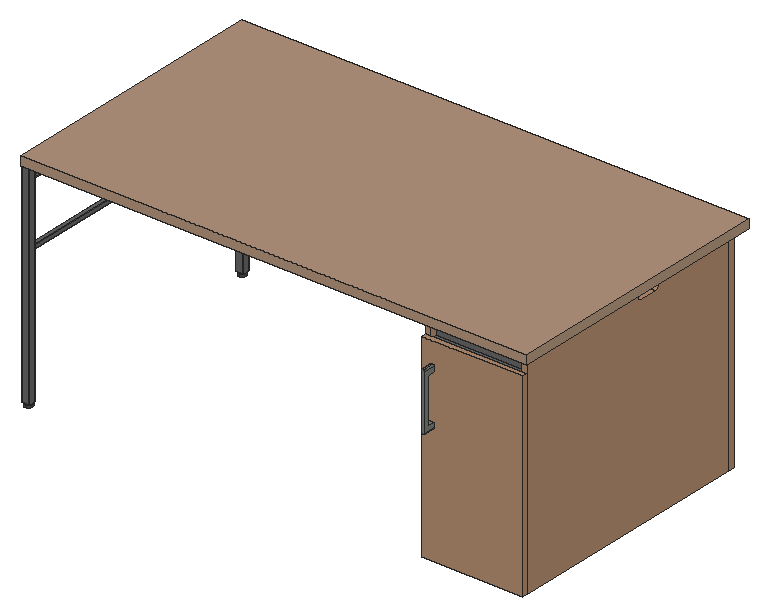
Revit family "Desks-Teknion-LWBDH_Byward_Desk_with_Hinged_Door-R2022", category Furniture, Revit 2022 (continued)
Dimensions and locks (in)
  locked: plane 7 "Front" to Sweep 26 sketch curve at 0.98031
  locked: Sweep 11 sketch curve to plane 5 "Right" at 2.23538
  locked: plane 7 "Front" to Sweep 11 sketch curve at 2.48319
  "Modesty panel": plane 6 "Back" to Sweep 2 sketch curve to Sweep 2 sketch curve
  plane 8 "Top" to Sweep 16 sketch curve to Sweep 16 sketch curve to Sweep 16 sketch curve to Sweep 16 sketch curve = 1.1855" locked, 0.060" locked, 1.9395" locked, 0.060" locked
  plane 7 "Front" to Sweep 16 sketch curve to Sweep 16 sketch curve to Sweep 16 sketch curve to Sweep 16 sketch curve = 0.96063" locked, 0.785" locked, 0.060" locked, 0.940" locked
  Sweep 27 sketch curve to Sweep 27 sketch curve to plane 2 = 1.060" locked, 0.500" locked
  locked: Sweep 27 sketch curve to plane 5 "Right" at 1.4385
  locked: plane 5 "Right" to Sweep 27 sketch curve at 13.3125
  locked: plane 7 "Front" to Sweep 27 sketch curve at 0.98031
  locked: plane 6 "Back" to Sweep 14 sketch curve at 2.2075
  aligned and locked: level to plane 2
  aligned and locked: plane 3 "Center Left/Right" to Sweep 1 sketch curve
  aligned and locked: plane 7 "Front" to Sweep 1 sketch curve
  aligned and locked: plane 5 "Right" to Sweep 1 sketch curve
  aligned and locked: Sweep 1 sketch curve to plane 6 "Back"
  aligned and locked: Sweep 1 sketch curve to plane 4 "Left"
  aligned and locked: plane 5 "Right" to curve 1
  aligned and locked: plane 7 "Front" to curve 2
  aligned and locked: curve 3 to plane 4 "Left"
  aligned and locked: curve 4 to plane 6 "Back"
  aligned and locked: Sweep 2 sketch curve to plane 3 "Center Left/Right"
  aligned and locked: plane 1 "Center Front/Back" to Sweep 3 sketch curve
  aligned and locked: plane 3 "Center Left/Right" to Sweep 4 sketch curve
  aligned and locked: plane 3 "Center Left/Right" to Sweep 5 sketch curve
  aligned and locked: plane 3 "Center Left/Right" to Sweep 6 sketch curve
  aligned and locked: plane 3 "Center Left/Right" to Sweep 7 sketch curve
  aligned and locked: Sweep 8 sketch curve to plane 3 "Center Left/Right"
  aligned and locked: Sweep 9 sketch curve to plane 3 "Center Left/Right"
  aligned and locked: plane 3 "Center Left/Right" to Sweep 10 sketch curve
  aligned and locked: Sweep 11 sketch curve to plane 3 "Center Left/Right"
  aligned and locked: plane 3 "Center Left/Right" to Sweep 12 sketch curve
  aligned and locked: Masking region 1 sketch curve to plane 4 "Left"
  aligned and locked: plane 7 "Front" to Masking region 1 sketch curve
  aligned and locked: plane 5 "Right" to Masking region 1 sketch curve
  aligned and locked: Masking region 1 sketch curve to plane 6 "Back"
  aligned and locked: plane 3 "Center Left/Right" to Sweep 13 sketch curve
  aligned and locked: plane 9 to Sweep 3 sketch curve
  aligned and locked: plane 3 "Center Left/Right" to Sweep 14 sketch curve
  aligned and locked: plane 3 "Center Left/Right" to Sweep 15 sketch curve
  aligned and locked: plane 1 "Center Front/Back" to Sweep 16 sketch curve
  aligned and locked: curve 6 to Sweep 11
  aligned and locked: curve 7 to Sweep 11
  aligned and locked: curve 8 to Sweep 11
  aligned and locked: curve 25 to cut or joined group of Sweep 7, Sweep 8
  aligned and locked: curve 28 to cut or joined group of Sweep 7, Sweep 8
  aligned and locked: curve 31 to Sweep 2
  aligned and locked: curve 32 to Sweep 2
  aligned and locked: curve 33 to Sweep 2
  aligned and locked: curve 34 to Sweep 13
  aligned and locked: curve 35 to Sweep 13
  aligned and locked: curve 36 to Sweep 3
  aligned and locked: curve 37 to Sweep 13
  aligned and locked: curve 40 to Sweep 11
  aligned and locked: curve 41 to Sweep 11
  aligned and locked: curve 42 to Sweep 11
  aligned and locked: curve 43 to Sweep 11
  aligned and locked: curve 44 to Sweep 11
  aligned and locked: curve 45 to Sweep 11
  aligned and locked: curve 46 to Sweep 15
  aligned and locked: curve 47 to Sweep 15
  aligned and locked: curve 48 to Sweep 15
  aligned and locked: curve 49 to Sweep 15
  aligned and locked: Sweep 3 to curve 50
  aligned and locked: curve 51 to Sweep 5
  aligned and locked: curve 29 to cut or joined group of Sweep 7, Sweep 8
  aligned and locked: curve 30 to cut or joined group of Sweep 7, Sweep 8
  aligned and locked: curve 52 to Sweep 16
  aligned and locked: Sweep 16 to curve 53
  aligned and locked: curve 54 to Sweep 16
  aligned and locked: curve 55 to Sweep 16
  aligned and locked: curve 56 to cut or joined group of Sweep 7, Sweep 8
  aligned and locked: curve 57 to Sweep 10
  aligned and locked: curve 58 to Sweep 10
  aligned and locked: curve 59 to Sweep 10
  aligned and locked: curve 60 to Sweep 9
  aligned and locked: curve 61 to Sweep 9
  aligned and locked: curve 62 to Sweep 9
  aligned and locked: curve 64 to Sweep 6
  aligned and locked: curve 65 to Sweep 6
  aligned and locked: curve 67 to Sweep 6
  aligned and locked: curve 69 to Sweep 6
  aligned and locked: curve 71 to Sweep 6
  aligned and locked: curve 73 to Sweep 6
  aligned and locked: curve 74 to Sweep 6
  aligned and locked: curve 76 to Sweep 6
  aligned and locked: curve 77 to Sweep 12
  aligned and locked: curve 78 to Sweep 12
  aligned and locked: curve 79 to Sweep 12
  aligned and locked: curve 80 to Sweep 12
  aligned and locked: curve 81 to Sweep 12
  aligned and locked: curve 82 to Sweep 12
  aligned and locked: curve 83 to Sweep 12
  aligned and locked: curve 84 to Sweep 12
  aligned and locked: curve 85 to Sweep 12
  aligned and locked: curve 86 to Sweep 12
  aligned and locked: curve 87 to Sweep 12
  aligned and locked: curve 88 to Sweep 12
  aligned and locked: curve 89 to Sweep 12
  aligned and locked: curve 90 to Sweep 12
  aligned and locked: curve 91 to Sweep 12
  aligned and locked: curve 92 to Sweep 12
  aligned and locked: curve 93 to Sweep 12
  aligned and locked: curve 94 to Sweep 12
  aligned and locked: curve 95 to Sweep 12
  aligned and locked: curve 96 to Sweep 12
  aligned and locked: curve 97 to Sweep 12
  aligned and locked: curve 98 to Sweep 12
  aligned and locked: curve 99 to Sweep 12
  aligned and locked: curve 100 to Sweep 12
  aligned and locked: Masking region 2 sketch curve to cut or joined group of Sweep 19, Sweep 20  (x4)
  aligned and locked: Masking region 3 sketch curve to cut or joined group of Sweep 21, Sweep 22  (x4)
  aligned and locked: Masking region 4 sketch curve to Sweep 17  (x3)
  aligned and locked: Sweep 18 to Masking region 4 sketch curve  (x2)
  aligned and locked: curve 101 to Sweep 17
  aligned and locked: curve 102 to Sweep 17
  aligned and locked: curve 103 to Sweep 17
  aligned and locked: curve 104 to Sweep 17
  aligned and locked: curve 105 to Sweep 17
  aligned and locked: curve 106 to cut or joined group of Sweep 21, Sweep 22
  aligned and locked: cut or joined group of Sweep 21, Sweep 22 to curve 107
  aligned and locked: curve 108 to cut or joined group of Sweep 21, Sweep 22
  aligned and locked: curve 109 to cut or joined group of Sweep 21, Sweep 22
  aligned and locked: curve 110 to Sweep 17
  aligned and locked: curve 111 to Sweep 17
  aligned and locked: curve 112 to Sweep 18
  aligned and locked: curve 113 to Sweep 18
  aligned and locked: Sweep 18 to curve 114
  aligned and locked: Sweep 18 to curve 115
  aligned and locked: curve 116 to Sweep 18
  aligned and locked: curve 117 to Sweep 18
  aligned and locked: Sweep 18 to curve 118
  aligned and locked: Sweep 26 sketch curve to plane 9
  aligned and locked: Sweep 26 sketch curve to plane 1 "Center Front/Back"
  aligned and locked: plane 5 "Right" to Sweep 27 sketch curve
  aligned and locked: Masking region 5 sketch curve to Sweep 23  (x4)
  aligned and locked: plane 9 to Sweep 27 sketch curve
  aligned and locked: curve 119 to Sweep 12
  aligned and locked: curve 120 to Sweep 12
  aligned and locked: curve 121 to Sweep 12
  aligned and locked: curve 122 to Sweep 12
  aligned and locked: curve 123 to Sweep 12
  aligned and locked: curve 124 to Sweep 12
  aligned and locked: curve 125 to Sweep 12
  aligned and locked: curve 126 to Sweep 12
  aligned and locked: curve 127 to Sweep 12
  aligned and locked: curve 128 to Sweep 12
  aligned and locked: curve 129 to Sweep 12
  aligned and locked: curve 130 to Sweep 12
  aligned and locked: curve 131 to Sweep 11
  aligned and locked: curve 132 to Sweep 11
  aligned and locked: curve 133 to Sweep 26
  aligned and locked: curve 134 to Sweep 26
  aligned and locked: curve 135 to Sweep 26
  aligned and locked: curve 136 to Sweep 26
  aligned and locked: curve 137 to Sweep 3
  aligned and locked: curve 138 to Sweep 3
  aligned and locked: curve 139 to Sweep 14
  aligned and locked: curve 140 to Sweep 24
  aligned and locked: Sweep 24 to curve 142
  aligned and locked: curve 143 to Sweep 24
  aligned and locked: curve 144 to Masking region 4
  aligned and locked: Masking region 6 sketch curve to Masking region 4  (x4)
  aligned and locked: Masking region 6 sketch curve to curve 144
  aligned and locked: Masking region 6 sketch curve to Sweep 25  (x2)
  aligned and locked: plane 3 "Center Left/Right" to nested 1
  aligned and locked: nested 1 to plane 1 "Center Front/Back"
  aligned and locked: plane 4 "Left" to nested 2
  aligned and locked: nested 2 to plane 6 "Back"
  aligned and locked: nested 3 to plane 6 "Back"
  aligned and locked: nested 3 to plane 5 "Right"
  aligned and locked: plane 7 "Front" to nested 4
  aligned and locked: nested 4 to plane 5 "Right"
  aligned and locked: nested 5 to plane 4 "Left"
  aligned and locked: plane 7 "Front" to nested 5
Automatic sketch dimensions
  Sweep 2 sketch curve to Sweep 2 sketch curve = 3.000"  (x5)
  Sweep 2 sketch curve to Sweep 2 sketch curve = 0.000"
  Sweep 17 sketch curve to Sweep 17 sketch curve = 0.000"  (x9)
  Sweep 17 sketch curve to Sweep 17 sketch curve = 0.031"  (x2)
  Sweep 17 sketch curve to Sweep 17 sketch curve = 0.03143"  (x2)
  Sweep 17 sketch curve to Sweep 17 sketch curve = 0.00014"
  Sweep 17 sketch curve to Sweep 17 sketch curve = 0.56534"
  Sweep 17 sketch curve to Sweep 17 sketch curve = 0.56462"
  Sweep 17 sketch curve to Sweep 17 sketch curve = 0.00124"
  Sweep 17 sketch curve to Sweep 17 sketch curve = 0.01112"
  Sweep 17 sketch curve to Sweep 17 sketch curve = 0.01457"  (x2)
  Sweep 18 sketch curve to Sweep 18 sketch curve = 0.00204"  (x4)
  Sweep 18 sketch curve to Sweep 18 sketch curve = 0.0015"  (x4)
  profile plane to Sweep 19 sketch curve = 0.07877"  (x2)
  Sweep 19 sketch curve to profile plane = 0.07877"  (x2)
  Sweep 20 sketch curve to Sweep 20 sketch curve = 0.29012"  (x2)
  Sweep 20 sketch curve to Sweep 20 sketch curve = 0.0128"  (x2)
  profile plane to Sweep 21 sketch curve = 0.61842"
  profile plane to Sweep 21 sketch curve = 0.10533"
  Sweep 22 sketch curve to Sweep 22 sketch curve = 0.40533"
  Sweep 22 sketch curve to Sweep 22 sketch curve = 0.0626"
  Sweep 22 sketch curve to Sweep 22 sketch curve = 0.02972"
  Sweep 23 sketch curve to Sweep 23 sketch curve = 0.31972"  (x2)
  profile plane to Sweep 23 sketch curve = 0.40599"
  Masking region 4 sketch curve to Masking region 4 sketch curve = 0.15259"  (x2)
  Sweep 24 sketch curve to Sweep 24 sketch curve = 0.00204"  (x2)
  Sweep 24 sketch curve to Sweep 24 sketch curve = 0.0015"  (x2)
  Sweep 25 sketch curve to Sweep 25 sketch curve = 0.000"  (x2)
  Sweep 25 sketch curve to Sweep 25 sketch curve = 1.40962"
  Sweep 25 sketch curve to Sweep 25 sketch curve = 0.00849"
  Sweep 25 sketch curve to Sweep 25 sketch curve = 0.83366"
  Sweep 25 sketch curve to Sweep 25 sketch curve = 0.27661"
  Sweep 25 sketch curve to Sweep 25 sketch curve = 0.00004"
  Sweep 25 sketch curve to Sweep 25 sketch curve = 0.031"
  Sweep 25 sketch curve to Sweep 25 sketch curve = 0.03442"
  Sweep 25 sketch curve to Sweep 25 sketch curve = 0.00342"
  Sweep 25 sketch curve to Sweep 25 sketch curve = 0.05643"
  Sweep 25 sketch curve to Sweep 25 sketch curve = 0.54857"
  Sweep 25 sketch curve to Sweep 25 sketch curve = 0.12886"
  Sweep 25 sketch curve to Sweep 25 sketch curve = 0.2036"
  Sweep 25 sketch curve to Sweep 25 sketch curve = 0.07637"
  Sweep 25 sketch curve to Sweep 25 sketch curve = 0.69875"
  Sweep 25 sketch curve to Sweep 25 sketch curve = 0.00131"
  Sweep 25 sketch curve to Sweep 25 sketch curve = 0.00009"
  Sweep 25 sketch curve to Sweep 25 sketch curve = 0.50964"
  Sweep 25 sketch curve to Sweep 25 sketch curve = 0.00671"
  Sweep 25 sketch curve to Sweep 25 sketch curve = 0.03329"
  Sweep 25 sketch curve to Sweep 25 sketch curve = 0.01168"
  Sweep 23 sketch curve to Sweep 23 sketch curve = 0.31968"
  Sweep 12 sketch curve to Sweep 12 sketch curve = 0.18187"  (x2)
  plane 7 "Front" to curve 114 = 0.000"
  plane 7 "Front" to curve 117 = 0.000"
  plane 7 "Front" to curve 115 = 0.000"
  plane 4 "Left" to curve 12 = 0.190"
  curve 15 to curve 25 = 0.0975"
  curve 22 to curve 25 = 0.0975"
  curve 17 to plane 7 "Front" = 0.100"
  plane 4 "Left" to curve 17 = 0.190"
  curve 23 to curve 24 = 0.090"
  curve 13 to curve 12 = 0.090"
  curve 51 to curve 15 = 0.0975"
  curve 85 to curve 17 = 0.095"
  curve 10 to plane 6 "Back" = 0.190"
  curve 80 to curve 10 = 0.095"
  curve 51 to curve 21 = 0.0975"
  curve 16 to curve 9 = 0.090"
  curve 20 to curve 19 = 0.090"
  curve 26 to plane 10 = 0.15433"
  curve 46 to curve 36 = 0.03937"
  curve 86 to curve 19 = 0.22813"
  curve 15 to curve 79 = 0.31813"
  curve 141 to curve 117 = 0.00015"
  curve 111 to curve 118 = 0.06356"
  curve 110 to curve 118 = 0.06356"
  plane 7 "Front" to curve 143 = 0.00025"
  plane 7 "Front" to curve 141 = 0.00024"
  plane 7 "Front" to curve 112 = 0.00024"
  curve 142 to plane 7 "Front" = 0.00054"
  curve 140 to plane 7 "Front" = 0.00067"
  curve 48 to curve 134 = 0.01969"
  curve 48 to curve 133 = 0.01969"
  curve 141 to curve 144 = 0.05459"
  curve 144 to curve 143 = 0.05429"
  Masking region 6 sketch curve to Masking region 6 sketch curve = 0.38775"
  radius of Sweep 11 sketch curve = 0.500"  (x6)
Nested families (in)
  nested 1: "Teknion_2D_Node_Family-R2021" at (0, 0, 0) x (0.7071, 0.7071, 0) z (0, 0, 1), type "Teknion_2D_Node_Family-R2021"
  nested 2: "Teknion_2D_Node_Family-R2021" at (-33, 18, 0), type "Teknion_2D_Node_Family-R2021"
  nested 3: "Teknion_2D_Node_Family-R2021" at (33, 18, 0), type "Teknion_2D_Node_Family-R2021"
  nested 4: "Teknion_2D_Node_Family-R2021" at (33, -18, 0), type "Teknion_2D_Node_Family-R2021"
  nested 5: "Teknion_2D_Node_Family-R2021" at (-33, -18, 0), type "Teknion_2D_Node_Family-R2021"
Definition of nested family "Teknion_2D_Node_Family-R2021"
  Reference planes (in)
    plane 1 "Center (Front/Back)": y = 0
    plane 2: z = 0
    plane 3 "Center (Left/Right)": x = 0
  Lines and regions (in)
    detail lines, in view "Ref. Level"
      curve 1: circle (0, 0, 0) r 1.25 normal (0, 0, 1)
      curve 2: line (1.91508, -1.91508, 0) -> (-1.91508, 1.91508, 0)
      curve 3: line (-1.91508, -1.91508, 0) -> (1.91508, 1.91508, 0)
Types (6): name | Worksurface Finish | Width | Rectangular Pull Handle | Modesty panel | Modesty & Cabinet Finish | Modern Straight (ADA) Handle | Journal Pull Handle | Byward Tab Handle | Byward Pull Handle | Description | Depth
  (no name) | Source Laminate - Teknion - 3M - Provincial Oak (Cross Grain) | 66.000" | no | 12.000" | Foundation Laminate - Teknion - YA - Anigre | yes | no | no | no | "Byward Desk with Hinged Door, Modern Straight (ADA) Handle" | 36.000"
  Byward Pull | Source Laminate - Teknion - 3M - Provincial Oak (Cross Grain) | 72.000" | no | 8.000" | Foundation Laminate - Teknion - YA - Anigre | no | no | no | yes | "Byward Desk with Hinged Door, Byward Pull Handle" | 30.000"
  Rectangular Pull | Veneer-Teknion-LK-Natural_Veneer_V3-Drift_Oak_Flat_Cut | 72.000" | yes | 4.250" | Veneer-Teknion-LK-Natural_Veneer_V3-Drift_Oak_Flat_Cut | no | no | no | no | "Byward Desk with Hinged Door, Rectangular Pull Handle" | 24.000"
  Journal Pull | Veneer-Teknion-5U-Flintwood-Raw_Umber (Long Grain) | 54.000" | no | 12.000" | Veneer-Teknion-5U-Flintwood-Raw_Umber (Long Grain) | no | yes | no | no | "Byward Desk with Hinged Door, Journal Pull Handle" | 36.000"
  Modern Straight (ADA) | Source Laminate - Teknion - 3M - Provincial Oak (Cross Grain) | 66.000" | no | 12.000" | Foundation Laminate - Teknion - YA - Anigre | yes | no | no | no | "Byward Desk with Hinged Door, Modern Straight (ADA) Handle" | 36.000"
  Byward Tab | Source Laminate - Teknion - 3M - Provincial Oak (Cross Grain) | 72.000" | no | 8.000" | Foundation Laminate - Teknion - YA - Anigre | no | no | yes | no | "Byward Desk with Pedestal, Byward Pull Handle" | 30.000"
